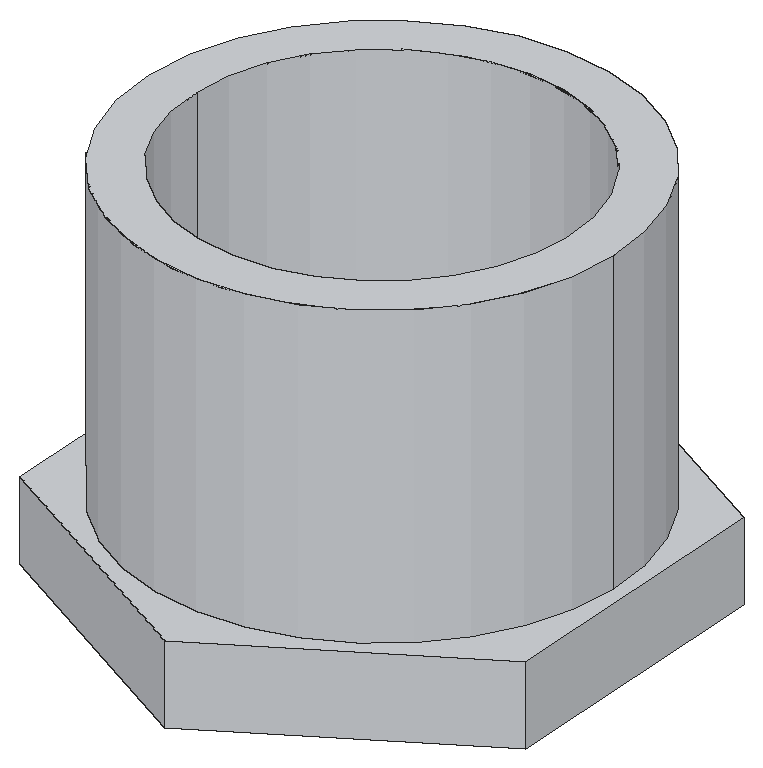
Revit family "HR2G", category Generic Models, Revit 2017
Family settings
  Can host rebar = No
  Round Connector Dimension = Use Diameter
  Part Type = Normal
  Work Plane-Based = Yes
  Always vertical = No
  Cut with Voids When Loaded = No
  Shared = No
  Room Calculation Point = No
Parameters (values of type "NBS Standard Parameters")
  Weight = "0.0292Kg"
  WarrantyStartDate [instance] = "1900-12-31T23:59:59"
  WarrantyGuarantorParts = "n/a"
  WarrantyGuarantorLabor = "n/a"
  WarrantyDurationUnit = "1 year"
  WarrantyDurationParts = "n/a"
  WarrantyDurationLabor = "n/a"
  WarrantyDescription = "n/a"
  Version = "1"
  Uniclass2 = "Pr_65_70_11_20"
  TagNumber [instance] = "n/a"
  SustainabilityPerformance = "n/a"
  Size = "25mm"
  Shape = "Circular"
  SerialNumber [instance] = "n/a"
  Revision = "n/a"
  ReplacementCost = "n/a"
  ProductInformation = "www.metpro.co.uk/pdf/hr2g.pdf"
  NominalWidth = 26.8 mm
  NominalLength = 26.8 mm
  NominalHeight = 20.2 mm
  Name = ""
  NBSTypeID = ""
  NBSReference = "90-55-10/460"
  NBSOfficeMasterTag = ""
  NBSNote = ""
  NBSDescription = "Conduit Fittings"
  NBSCertification = ""
  ModelReference = "HR2G"
  ModelNumber = "n/a"
  Material = "Mild Steel"
  ManufacturerURL = "www.metpro.co.uk"
  ManufacturerName = "Metpro Ltd"
  Keynote = "Compliant to LU Standard 1-085"
  InstallationDate [instance] = "1900-12-31T23:59:59"
  IfcExportType = ""
  IfcExportAs = ""
  Grade = "n/a"
  Finish = "BZP"
  Features = "n/a"
  ExpectedLife = "n/a"
  DurationUnit = "year"
  Description = "HR2G  25 - 20mm Conduit Reducer"
  Default Elevation = 1219.2 mm
  Constituents = "n/a"
  Color = "n/a"
  CodePerformance = "n/a"
  Category = "n/a"
  BarCode [instance] = "n/a"
  BIMObjectName = "Metpro_Metprolibrary_Conduitfittings_Metalcomponents_Steelaccessories"
  Author = "Metpro Limited"
  AssetType = ""
  AssetIdentifier [instance] = "n/a"
  AccessibilityPerformance = "n/a"
Reference planes
  plane 1 "Center (Front/Back)": y = 0
  plane 2: z = 0
  plane 3 "Center (Left/Right)": x = 0
Forms (mm)
  Extrusion 1, solid
    sketch origin (-11.449, -7.188, 21.419) x (0, -1, 0) y (1, 0, 0)
      loop
        line (4.882, -12.959) -> (12.078, 0.574) -> (3.956, 13.573) -> (-11.362, 13.038) -> (-18.558, -0.495) -> (-10.436, -13.494) -> (4.882, -12.959)
      loop
        circle (-3.24, 0.039) r 10
    from 0 to 4.2
  Extrusion 2, solid
    sketch origin (-11.449, -7.188, 21.419) x (0, -1, 0) y (1, 0, 0)
      loop
        circle (-3.24, 0.039) r 10
      loop
        circle (-3.24, 0.039) r 12.49
    from 1.124 to 20.254
Dimensions and locks
  aligned and locked: level to plane 2
